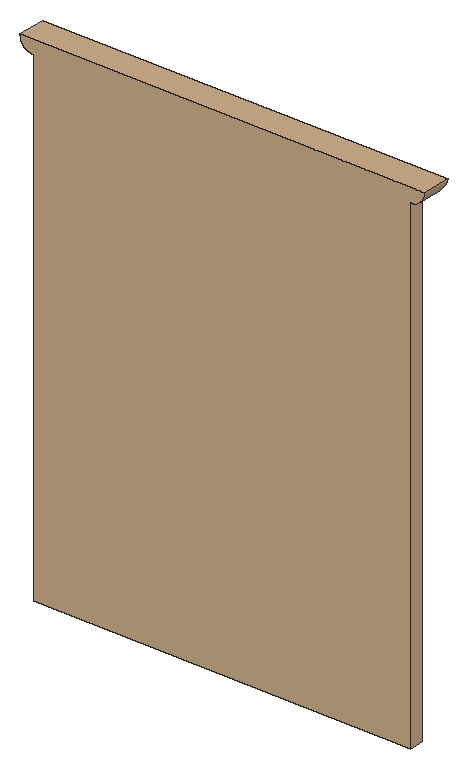
Revit family
Parameters
  Width = 2' - 3"
  Subcategory = "Mirror"
  SmartBIM Object Version = 3  # constant formula
  SmartBIM Object Created By = "Reed Construction Data"  # constant formula
  Mirror = Mirror
  Manufacturer = ""
  Height = 3' - 0"
  Glass Offset = 0' - 0 1/4"
  Depth = 0' - 1"
  Cabinet = Wood, Maple
  Assembly Code = "E2020200"
  95 CSI = "12560"
  04 CSI = "12 56 51"
Reference planes (in)
  plane 1: y = 0
  plane 2 "Center (Left/Right)": x = 0
  plane 3 "Wall Edge": y = 3
Text (in)
  text "Placement Side" at (0, 40.15149, 123.01588), in view "Right"
  text "Placement Side" at (-70.3804, 28.46503, 0), in view "Ref. Level"
  text "Placement Side" at (0, 81.62555, 140.59947), in view "Left"
Dimensions and locks (in)
  locked: plane 3 "Wall Edge" to host wall
  aligned and locked: nested 1 to plane 3 "Wall Edge"
  aligned and locked: host wall to nested 1
  aligned and locked: nested 1 to plane 2 "Center (Left/Right)"
Nested families (in)
  nested 1: "Mirror-Mission_Tectonic" at (0, 3.5, 0), type "Regular"
    with Height 3' - 0"
Definition of nested family "Mirror-Mission_Tectonic"
  Parameters (values of type "Regular")
    Width = 2' - 3"
    Height = 3' - 8"
    Glass Thickness = 0' - 0 1/4"
    Mirror = Mirror
    Depth = 0' - 1"
    Default Elevation = 0' - 0"
    Cabinet = Wood, Maple
  Types (3): name | Width | Height
    (no name) | 2' - 3" | 3' - 8"
    Regular | 2' - 3" | 3' - 8"
    Large | 2' - 8" | 4' - 0"
  Reference planes (in)
    plane 1 "Center F/B": y = 0
    plane 2: z = 0
    plane 3 "Center L/R": x = 0
    plane 4 "Rare Edge Of The Unit": y = 0.5
    plane 5 "Front Edge Of The Unit": y = -0.5
    plane 6 "Left Edge Of The Unit": x = -13.5
    plane 7 "Right Edge Of The Unit": x = 13.5
    plane 8 "Top Edge Of The Unit": z = 44
    plane 9: z = 38
    plane 10 "Rare Edge Of The Glass": y = -0.25
  Forms (in)
    Extrusion 1, solid, material "Wood, Maple" <- "Cabinet"
      sketch origin (0, 0, 0) x (1, 0, 0) y (0, 0, 1)
        loop
          line (-13.5, 44) -> (-13.5, 0) -> (13.5, 0) -> (13.5, 44) -> (-13.5, 44)
        loop
          line (-10.5, 36) -> (-10.5, 3) -> (10.5, 3) -> (10.5, 36)
          arc (10.5, 36) -> (0, 36.67565) -> (-10.5, 36) r 81.92565
      from -0.5 to 0.5
    Extrusion 2, solid, material "Wood, Maple" <- "Cabinet"
      sketch origin (-72.66701, 0.5, 48) x (-1, 0, 0) y (0, 0, 1)
        loop
          line (-86.16701, -4) -> (-86.16701, -48) -> (-59.16701, -48) -> (-59.16701, -4) -> (-86.16701, -4)
      from 0 to -0.125
    Extrusion 3, solid, material "Mirror" <- "Mirror"
      sketch origin (0, 0, 0) x (1, 0, 0) y (0, 0, 1)
        loop
          line (-10.5, 3) -> (10.5, 3) -> (10.5, 36)
          arc (10.5, 36) -> (0, 36.67565) -> (-10.5, 36) r 81.92565
          line (-10.5, 36) -> (-10.5, 3)
      from 0.25 to 0
    Sweep 4, solid, material "Wood, Maple" <- "Cabinet"
      path origin (-49.66233, -180, 44) x (-1, 0, 0) y (0, -1, 0)
        loop
          line (-36.16233, -180.5) -> (-36.16233, -179.5) -> (-63.16233, -179.5) -> (-63.16233, -180.5)
      profile origin (-13.5, 0, 44) x (1, 0, 0) y (0, 0, 1)
        loop
          line (0, 0) -> (-1, 0)
          arc (-1, 0) -> (-0.70711, -0.70711) -> (0, -1) r 1
          line (0, -1) -> (0, 0)
  Cuts and joins
    joined: Extrusion 1, Extrusion 2, Sweep 4
  Lines and regions (in)
    symbolic lines
      curve 1: line (-13.5, 0.5, 0) -> (-13.5, -0.5, 0)
      curve 2: line (13.5, 0.5, 0) -> (-13.5, 0.5, 0)
      curve 3: line (-13.5, -0.5, 0) -> (13.5, -0.5, 0)
      curve 4: line (13.5, -0.5, 0) -> (13.5, 0.5, 0)
  Dimensions and locks (in)
    equal spacing: plane 6 "Left Edge Of The Unit", plane 3 "Center L/R", plane 7 "Right Edge Of The Unit"
    equal spacing: plane 4 "Rare Edge Of The Unit", plane 1 "Center F/B", plane 5 "Front Edge Of The Unit"
    "Depth": plane 4 "Rare Edge Of The Unit" to plane 5 "Front Edge Of The Unit"
    "Width": plane 6 "Left Edge Of The Unit" to plane 7 "Right Edge Of The Unit"
    "Height": plane 8 "Top Edge Of The Unit" to level
    locked: Extrusion 1 sketch curve to Extrusion 1 sketch curve at 3  (x3)
    locked: plane 8 "Top Edge Of The Unit" to plane 9 at 6
    locked: plane 4 "Rare Edge Of The Unit" to Extrusion 2 at 0.125
    "Glass Thickness": plane 10 "Rare Edge Of The Glass" to plane 5 "Front Edge Of The Unit"
    aligned and locked: Extrusion 1 sketch curve to plane 6 "Left Edge Of The Unit"
    aligned and locked: Extrusion 1 sketch curve to plane 7 "Right Edge Of The Unit"
    aligned and locked: Extrusion 1 sketch curve to level
    aligned and locked: Extrusion 1 sketch curve to plane 8 "Top Edge Of The Unit"
    aligned and locked: Extrusion 1 sketch curve to Extrusion 1 sketch curve
    aligned and locked: plane 4 "Rare Edge Of The Unit" to Extrusion 1
    aligned and locked: Extrusion 1 to plane 5 "Front Edge Of The Unit"
    aligned and locked: Extrusion 2 sketch curve to Extrusion 1  (x3)
    aligned and locked: Extrusion 1 to Extrusion 2 sketch curve
    aligned and locked: Extrusion 3 sketch curve to cut or joined group of Extrusion 1, Extrusion 2, Sweep 4  (x4)
    aligned and locked: plane 10 "Rare Edge Of The Glass" to Extrusion 3
    aligned and locked: Extrusion 3 to plane 1 "Center F/B"
    aligned and locked: Sweep 4 sketch curve to cut or joined group of Extrusion 1, Extrusion 2, Sweep 4  (x4)
    aligned and locked: cut or joined group of Extrusion 1, Extrusion 2, Sweep 4 to Sweep 4 sketch curve
    aligned and locked: curve 1 to cut or joined group of Extrusion 1, Extrusion 2, Sweep 4
    aligned and locked: cut or joined group of Extrusion 1, Extrusion 2, Sweep 4 to curve 2
    aligned and locked: curve 3 to cut or joined group of Extrusion 1, Extrusion 2, Sweep 4
    aligned and locked: curve 4 to cut or joined group of Extrusion 1, Extrusion 2, Sweep 4
  Automatic sketch dimensions
    Extrusion 1 sketch curve to level = 3' - 9 1/4"
    Extrusion 1 sketch curve to plane 9 = 0' - 2"
    Sweep 4 sketch curve to plane 4 "Rare Edge Of The Unit" = 0' - 0"  (x2)
    Sweep 4 sketch curve to Sweep 4 sketch curve = 0' - 1"
    curve 1 to plane 5 "Front Edge Of The Unit" = 0' - 0"
    curve 2 to plane 6 "Left Edge Of The Unit" = 0' - 0"
    plane 7 "Right Edge Of The Unit" to curve 2 = 0' - 0"
    curve 4 to plane 4 "Rare Edge Of The Unit" = 0' - 0"
